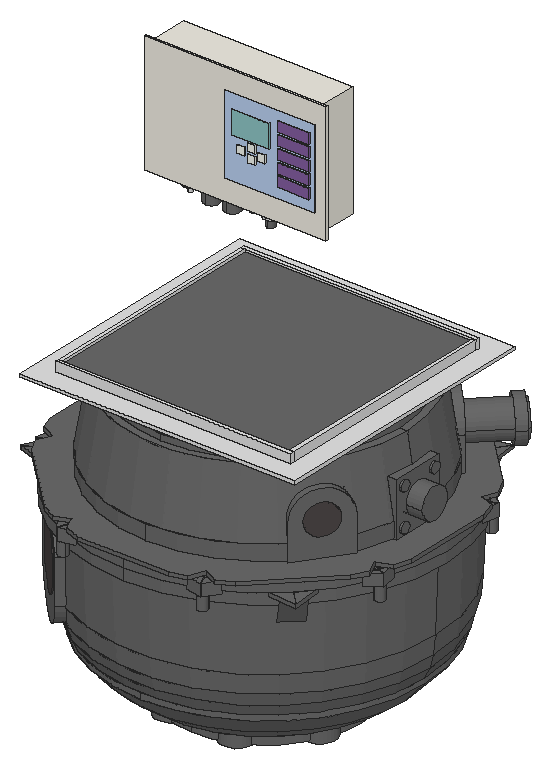
Revit family "281230s (200)", category Generic Models, Revit 2021
Family settings
  Can host rebar = No
  Round Connector Dimension = Use Diameter
  Part Type = Normal
  Work Plane-Based = No
  Always vertical = Yes
  Cut with Voids When Loaded = No
  Shared = Yes
  Room Calculation Point = No
Parameters (values of type "281230S")
  SUPPLIER = "KESSEL"
  SA700ID50 = "internal"
  SA700ID49 = "Protection Class I"
  SA700ID48 = "no"
  SA700ID47 = "no"
  SA700ID46 = "yes"
  SA700ID37 = 9000 mm
  SA700ID34 = 15.5
  SA700ID33 = 1.4 W
  SA700ID32 = 22.80 kg
  SA700ID31 = 1
  SA700ID30 = 2
  SA700ID29 = "RWDR"
  SA700ID21 = 900
  SA700ID10 = "No"
  SA700ID08 = 230 V
  PROCUREWEBLINK = "https://p.caden.as/kessel/281230S"
  PROCURELINK = "p.caden.as/kessel/281230S"
  PROCUREDATALASTUPDATE = "2024-05-22T12:17:22.671585572+01:00"
  PRC_SPECIFICATIONLINK = "https://ausschreiben.de/catalog/kessel/catalogItem/d827dab7-7f65-4d42-832b-e67de5270245"
  NN = "Lifting station Aqualift S compact"
  NBSYN = "$SA810ID03. ($LODLEVEL.)"
  NB = "281230S (200)"
  Model = "281230S"
  Manufacturer = "KESSEL"
  MIdent = "{$CADENAS_DATA/23d-libs/kessel/kessel_vdi_import/4/entwaesserung/hebeanlage20aqualift20s20compact.prj},216 {STYP=ASS},{VTYP=3D},{NB=281230S (200)},{LINA=281230S},{NN=Lifting station Aqualift S compact},{DATE=21.11.2022 10:40:35},{GEOMDATE=21.11.2022 10:40:35},{VERSION=},{LINEID=100},{WBVAR=LODLEVEL},{WBNUMERIC=LODLEVEL}  {NB=281230S (200)},{LINA=281230S},{KT=DUMMY},{PREVIEW=../../bilder/ksb_w_281230s.png},{SA700ID04=Hebeanlage Aqualift S Compact, Duo, GTF 1200, Bodenplatte, schwarz},{SA810ID06=04026092082744},{SA700ID34=15.50},{SA010ID03=201805},{SA810ID03=281230S},{SA810ID10=Die steckerfertige Hebeanlage für fäkalienfreies Abwasser ist mit einer überflutbaren Pumpe sowie einem Rückflussverhinderer ausgestattet. Der Sammelbehälter aus dauerhaft beständigem Kunststoff (PE) besitzt einen offenen Pumpenraum. Einhandverschlüsse ermöglichen die einfache Entnahme der integrierten Komponenten. Die Anlage zum Einbau in die Bodenplatte ist vormontiert zur bauseitigen Endmontage.Die Steuerung erfolgt durch ein anwenderfreundliches Schaltgerät, das optional über einen potentialfreien Kontakt in die Gebäudeleittechnik eingebunden werden oder Alarm- und Sammelstörmeldungen über eine GSM-Schnittstelle ausgeben kann.- mit teleskopischem Aufsatzstück für stufenlosen Höhen- und Niveauausgleich und integriertem Bodenablauf- Sammelbehälter aus PE, beständig gegen aggressive Abwässer und 3 m Grundwasser- inklusive Rückflussverhinderer für die Druckleitung- inklusive Stutzen für Zulauf und Kabelleerrohr- Pumpe mit Freistromrad für höchste BetriebssicherheitAusführung:Anlagenart: DoppelanlagePumpensteuerung: SchaltgerätRückflussverhinderer: integriertAuslieferungszustand: installationsfertig (Verbindungsteile sind bauseits anzuschließen)Einbausituation: Einbau in die BodenplatteAbwasserart: fäkalienfreiAllgemeine Merkmale:Farbe: schwarzNorm: EN 12050-2Abmessungen:Länge: 617 mmBreite: 585 mmBehälter/Grundkörper:Zulauf Nennweite (DN): 100 mmDruckabgang (DN): 32 mmDruckabgang (DA): 40 mmEinbautiefe: 490 - 620 mmNutzvolumen: 20 lArt der Höhenverstellbarkeit: teleskopisches AufsatzstückAbdeckungsmerkmale:Abdeckungsart: Abdeckplatte mit SchlitzrostAbdeckung Material: KunststoffAbdeckung Farbe: schwarzBelastungsklasse: K 3 (EN 1253-1)Länge: 366 mmBreite: 366 mmVerriegelung: Lock & LiftFreier Kugeldurchgang: 30 mmFördereinrichtung:Pumpe: GTF 1200Anzahl Pumpen: 2Förderleistung max.: 15,5 m3/hFörderhöhe max.: 9 mBetriebsspannung: 230 VNetzfrequenz: 50 HzBetriebsart: S3 - 10 %Leistung P1: 1,4 kWLeistung P2: 0,84 kWDrehzahl: 2.650 U/minErforderliche Absicherung (Leitungsschutz): C 16 AFörderguttemperatur (dauerhaft) max.: 40 °CAnschlusstyp: codierter SteckerLaufrad Typ: FreistromradLänge Netzanschlussleitung Pumpe: 5 mNennstrom: 6,2 ASchutzart Pumpe: IP 68 (3m)Typ Anschlussleitung Pumpe: H07RN-F 3G 1,0 mm2Temperaturüberwachung: integriertSteuerung:Schaltgerät: ComfortBetriebsspannung: 230 VNetzfrequenz: 50 HzSelbstdiagnosesystem (SDS): jaBatteriepufferung: jaMehrzeilige Displayanzeige: jaLogbuchfunktion: jaUSB-Schnittstelle: jaGSM-Schnittstelle: jaPotentialfreier Kontakt: optionalSchutzart Schaltgerät: IP 54Anschlusstyp: codierter SteckerLänge Netzanschlussleitung Schaltgerät: 1,4 mArt Niveauerfassung: pneumatischInstrument Niveauerfassung: TauchrohrAlarmgeber: optische Sonde},{SA700ID37=9.00},{SA700ID33=1.40},{SA700ID08=230},{SA700ID30=2},{SA700ID32=22.80},{SA700ID49=Schutzklasse I},{SA700ID50=intern},{SA200ID03=6},{SA250ID03=vertikal},{SA260ID03=Trockenläuferpumpe},{SA350ID03=normalansaugend},{SA400ID03=E-Motor für Wechselstrom},{SA460ID03=direkt},{SA500ID03=Kunststoff, Edelstahl},{SA700ID06=32},{SA700ID07=100},{SA700ID09=1/N/PE 230V },{SA700ID10=Nein},{SA700ID11=50},{SA700ID12=IP 68},{SA700ID13=F},{SA700ID15=35},{SA700ID21=900.00},{SA700ID22=0.84},{SA700ID23=2650},{SA700ID24=2650},{SA700ID26=6.20},{SA700ID27=14.90},{SA700ID28=durchgehend},{SA700ID29=RWDR},{SA700ID31=1},{SA700ID46=ja},{SA700ID47=nein},{SA700ID48=nein},{SA110ID04=Hebeanlage Aqualift S Compact},{SA300ID03=einstufig},{SA700ID44=10.00},{SA700ID45=10.00},{SA010ID04=KESSEL AG},{LODLEVEL=200},{LINK=https://www.kessel.de/info?han=281230S},{SA970ID01=970},{SA970ID02=14151},{SA970ID03=281230S},{SA970ID04=11002617},{SA970ID05=QUAD},{SA970ID06=-326},{SA970ID07=-291.04},{SA970ID08=0},{SA970ID09=1},{SA970ID10=0},{SA970ID11=0},{SA970ID12=0},{SA970ID13=1},{SA970ID14=0},{SA970ID15=617.04},{SA970ID16=582.09},{SA970ID17=488.5},{LODLEVEL_=200,'Low'},{LODLEVEL_DEU=200,'Low'},{LINK_=https://www.kessel.de/info?han=281230S},{LINK_DEU=https://www.kessel.de/info?han=281230S},{LODLEVEL_3DB=281230S_200},{DNIN1=100},{DNIN2=125},{DNIN3=100},{DNIN4=100},{DNOUT1=70},{DNOUT2=32},{ISD1=60},{ISD2=10},{ISD3=10},{SA010ID01=010},{SA010ID02=4},{SA010ID06=www.kessel.de},{SA010ID07=www.kessel.de},{SA010ID12=20180713},{SA010ID13=DEU},{SA010ID14=DE},{SA100ID01=100},{SA100ID02=4},{SA100ID04=Entwässerung},{SA110ID01=110},{SA110ID02=30},{SA200ID01=200},{SA200ID02=6},{SA250ID01=250},{SA250ID02=2},{SA260ID01=260},{SA260ID02=2},{SA300ID01=300},{SA300ID02=1},{SA350ID01=350},{SA350ID02=1},{SA400ID01=400},{SA400ID02=1},{SA460ID01=460},{SA460ID02=1},{SA500ID01=500},{SA500ID02=1},{SA700ID01=700},{SA700ID02=200},{SA700ID10_=0},{SA700ID16=0},{SA700ID25=0},{SA700ID46_=1},{SA700ID47_=0},{SA700ID48_=0},{SA700ID49_=1},{SA700ID50_=2},{SA800ID01=800},{SA800ID02=15},{SA810ID01=810},{SA810ID02=200},{SA810ID04=281230S},{SA810ID07=200},{SA810ID09=1},{SA810ID14=PCE},{SA810ID15=1},{SA810ID16=NMP},{SA960ID03=200},{SA960ID04=3L},{SA960ID08=https://www.kessel.de/info?han=281230S},{SA010ID08=4026092000007},{SA100ID05=Hebeanlage},{SA110ID06=Hebeanlage}"
  LINK = "https://www.kessel.de/info?han=281230S"
  LINA = "281230S"
  Default Elevation = 0 mm
  CREATOR = "CADENAS GmbH"
  CATALOG = "KESSEL"
  BOMINFO = "LINA"
  ARTICLENO = "NB"
  4.810.00.9 Order quantity (multiplicator) = "1"
  4.810.00.7 Media- connection number = "200"
  4.810.00.6 GTIN number = "04026092082744"
  4.810.00.4 DATANORM number = "281230S"
  4.810.00.3 Producer order number = "281230S"
  4.710.03.7 Mass (net) = 22.80 kg
  4.710.03.6 Height = 490 mm
  4.710.03.5 Width = 580 mm
  4.710.03.4 Length = 620 mm
  4.710.03.3 Type of dimensions = "2"
  4.710.02.8 Area of application of wastewater pump = "2"
  4.710.02.7 Art des S2/S3-Betriebs = "50 %"
  4.710.02.6 Duty type = "S3"
  4.710.02.5 Cutting device = "0"
  4.710.02.4 Attached pump control = "1"
  4.710.02.3 Free passage = 30 mm
  4.710.01.6 Option to connect to building automation = "30"
  4.710.01.5 Load regulation = "0"
  4.710.01.4 Designation of closed-loop control = "20"
  4.700.00.9 Voltage = 0
  4.700.00.8 Nominal connection size on suction side = "100"
  4.700.00.7 Nominal connection size on pressure side = "100"
  4.700.00.6 Type of connection = "32"
  4.700.00.4 Product indentification = "Hebeanlage Aqualift S Compact, Duo, GTF 1200, Bodenplatte, schwarz"
  4.700.00.28 Motor pump shaft = "durchgehend"
  4.700.00.27 Starting current = 14.9
  4.700.00.26 Maximum power consumption per pump / drive = 6.2
  4.700.00.25 Minimum speed at internal speed adjustment = 0
  4.700.00.24 Nominal speed / maximum speed n = 44.1667
  4.700.00.23 Nominal speed of motor = 44.1667
  4.700.00.22 Maximum shaft output (P2) per pump/drive = 0.84 W
  4.700.00.16 Maximum temperature of pumped medium = 0 °C
  4.700.00.15 Increased safety class = "35 °C"
  4.700.00.13 Type of protection = "F"
  4.700.00.12 Frequency = 0
  4.700.00.11 Stern-/Dreieck-Anlaufschaltung bei Dreiphasenanschluss oder Drehstrom = "50 Hz"
  4.700.00.10 Phase = "0"
  4.500.00.3 Variant / Variant type / Accessories-name = "Kunststoff, Edelstahl"
  4.460.00.3 Variant / Variant type / Accessories-name = "direkt"
  4.400.00.3 Variant / Variant type / Accessories-name = "E-Motor für Wechselstrom"
  4.350.00.3 Variant / Variant type / Accessories-name = "normalansaugend"
  4.300.00.3 Variant / Variant type / Accessories-name = "einstufig"
  4.260.00.3 Variant / Variant type / Accessories-name = "Trockenläuferpumpe"
  4.250.00.3 Variant / Variant type / Accessories-name = "vertikal"
  4.200.00.3 Variant / Variant type / Accessories-name = "6"
  4.110.00.6 Product classification = "Hebeanlage"
  4.110.00.4 Product indentification = "Hebeanlage Aqualift S Compact"
  4.100.00.5 Main groups of wares = "Hebeanlage"
  4.100.00.4 Product indentification = "Entwässerung"
  4.010.00.8 Producer ID number = "4026092000007"
  4.010.00.7 Comment = "www.kessel.de"
  4.010.00.6 Web address of the manufacturer = "www.kessel.de"
  4.010.00.4 Manufacturer name = "KESSEL AG"
  4.010.00.3 Date of issuance (month) of guideline = "201805"
  4.010.00.2 Sheet number of the guideline = "4"
  4.010.00.14 Kennungen der Projektländer, für die die Datei gültig ist = "DE"
  4.010.00.13 Sprache der Datei = "DEU"
  4.010.00.12 Stand des Herstellerkatalogs = "20180713"
Reference planes
  plane 1 "Center (Front/Back)": y = 0
  plane 2: z = 0
  plane 3 "Center (Left/Right)": x = 0
Forms (mm)
  Extrusion 1, void
    sketch origin (-197.283, 197.283, 209) x (-0.707107, -0.707107, 0) y (0, 0, -1)
      loop
        line (-0.5, -0.5) -> (0.5, -0.5) -> (0.5, 0.5) -> (-0.5, 0.5) -> (-0.5, -0.5)
    from 0 to 1
  Extrusion 2, void
    sketch origin (-197.283, -197.283, 209) x (0.707107, -0.707107, 0) y (0, 0, -1)
      loop
        line (-0.5, -0.5) -> (0.5, -0.5) -> (0.5, 0.5) -> (-0.5, 0.5) -> (-0.5, -0.5)
    from 0 to 1
  Extrusion 3, void
    sketch origin (-247, 0, 370) x (0, -1, 0) y (0, 0, -1)
      loop
        line (-0.5, -0.5) -> (0.5, -0.5) -> (0.5, 0.5) -> (-0.5, 0.5) -> (-0.5, -0.5)
    from 0 to 1
  Extrusion 4, void
    sketch origin (242.226, 228.084, 376) x (-0.707107, 0.707107, 0) y (0, 0, -1)
      loop
        line (-0.5, -0.5) -> (0.5, -0.5) -> (0.5, 0.5) -> (-0.5, 0.5) -> (-0.5, -0.5)
    from 0 to 1
  Extrusion 5, void
    sketch origin (228.084, 242.226, 376) x (-0.707107, 0.707107, 0) y (0, 0, -1)
      loop
        line (-0.5, -0.5) -> (0.5, -0.5) -> (0.5, 0.5) -> (-0.5, 0.5) -> (-0.5, -0.5)
    from 0 to 1
  Extrusion 6, void
    sketch origin (242.226, 228.084, 364) x (-0.707107, 0.707107, 0) y (0, 0, -1)
      loop
        line (-0.5, -0.5) -> (0.5, -0.5) -> (0.5, 0.5) -> (-0.5, 0.5) -> (-0.5, -0.5)
    from 0 to 1
  Extrusion 7, void
    sketch origin (228.084, 242.226, 364) x (-0.707107, 0.707107, 0) y (0, 0, -1)
      loop
        line (-0.5, -0.5) -> (0.5, -0.5) -> (0.5, 0.5) -> (-0.5, 0.5) -> (-0.5, -0.5)
    from 0 to 1
Dimensions and locks
  locked: plane 2 to Extrusion 1 at 208.5
  locked: plane 2 to Extrusion 1 at 209.5
  locked: plane 2 to Extrusion 2 at 208.5
  locked: plane 2 to Extrusion 2 at 209.5
  locked: plane 2 to Extrusion 3 at 369.5
  locked: plane 2 to Extrusion 3 at 370.5
  locked: plane 2 to Extrusion 4 at 375.5
  locked: plane 2 to Extrusion 4 at 376.5
  locked: plane 2 to Extrusion 5 at 375.5
  locked: plane 2 to Extrusion 5 at 376.5
  locked: plane 2 to Extrusion 6 at 363.5
  locked: plane 2 to Extrusion 6 at 364.5
  locked: plane 2 to Extrusion 7 at 363.5
  locked: plane 2 to Extrusion 7 at 364.5
  aligned and locked: level to plane 2
Nested families
  nested 1: "281230s (200)_content" at (0, 0, 0), type "281230S (200)_Content"
  nested 2: "281230s (200)_part1_X0Y0" at (-194, 244.5, 558), type "281230S_PART1_X0Y0"
  nested 3: "281230s (200)_part2_X0Y0" at (0, 0, 0), type "281230S_PART2_X0Y0"
Connectors
  piping at (-112, 217, 557.2), diameter 10
    settings: on nested 2, index 1, connector inside diameter 609.6 mm, connector length 0 mm, flow factor 0, pipe flow 0.0 L/s, pressure drop 0.0 Pa, fitting loss kfactor 0, connector angle 0.00°, fixture units 0, engagement length 0 mm, angle of deflection 0.00°, flow configuration 0, flow direction 2, fitting loss method 2, system type 29, joint type 0, gender type 0, connector reference index -1, connector utility 0, adjustable connector no, is connector primary yes, connector description ""
  electrical at (-298, 217, 518.5)
    settings: on nested 2, index 2, voltage 0 V, apparent load 0 VA, apparent load phase1 0 VA, apparent load phase2 0 VA, apparent load phase3 0 VA, power factor 1, load classification "Other", number of poles 1, system type 31, power factor state 1, is connector primary yes, connector utility no, sub classification motor no, connector description ""
  electrical at (-264, 217, 515.9)
    settings: on nested 2, index 3, voltage 0 V, apparent load 0 VA, apparent load phase1 0 VA, apparent load phase2 0 VA, apparent load phase3 0 VA, power factor 1, load classification "Other", number of poles 1, system type 31, power factor state 1, is connector primary no, connector utility no, sub classification motor no, connector description ""
  electrical at (-230, 217, 515.9)
    settings: on nested 2, index 4, voltage 0 V, apparent load 0 VA, apparent load phase1 0 VA, apparent load phase2 0 VA, apparent load phase3 0 VA, power factor 1, load classification "Other", number of poles 1, system type 31, power factor state 1, is connector primary no, connector utility no, sub classification motor no, connector description ""
  electrical at (-192, 217, 528.2)
    settings: on nested 2, index 5, voltage 0 V, apparent load 0 VA, apparent load phase1 0 VA, apparent load phase2 0 VA, apparent load phase3 0 VA, power factor 1, load classification "Other", number of poles 1, system type 31, power factor state 1, is connector primary no, connector utility no, sub classification motor no, connector description ""
  electrical at (-168, 217, 513.45)
    settings: on nested 2, index 6, voltage 0 V, apparent load 0 VA, apparent load phase1 0 VA, apparent load phase2 0 VA, apparent load phase3 0 VA, power factor 1, load classification "Other", number of poles 1, system type 31, power factor state 1, is connector primary no, connector utility no, sub classification motor no, connector description ""
  electrical at (-140, 217, 557.2)
    settings: on nested 2, index 7, voltage 0 V, apparent load 0 VA, apparent load phase1 0 VA, apparent load phase2 0 VA, apparent load phase3 0 VA, power factor 1, load classification "Other", number of poles 1, system type 31, power factor state 1, is connector primary no, connector utility no, sub classification motor no, connector description ""
  piping at (-326, 0, 209), diameter 125
    settings: on nested 3, index 8, connector inside diameter 609.6 mm, connector length 0 mm, flow factor 0, pipe flow 0.0 L/s, pressure drop 0.0 Pa, fitting loss kfactor 0, connector angle 0.00°, fixture units 0, engagement length 0 mm, angle of deflection 0.00°, flow configuration 0, flow direction 1, fitting loss method 2, system type 29, joint type 0, gender type 0, connector reference index -1, connector utility 0, adjustable connector no, is connector primary no, connector description ""
  piping at (-197.283, 197.283, 209), diameter 100
    settings: on Extrusion 1, index 9, connector inside diameter 609.6 mm, connector length 0 mm, flow factor 0, pipe flow 0.0 L/s, pressure drop 0.0 Pa, fitting loss kfactor 0, connector angle 0.00°, fixture units 0, engagement length 0 mm, angle of deflection 0.00°, flow configuration 0, flow direction 0, fitting loss method 2, system type 29, joint type 0, gender type 0, connector reference index -1, connector utility 0, adjustable connector no, is connector primary no, connector description ""
  piping at (-197.283, -197.283, 209), diameter 100
    settings: on Extrusion 2, index 10, connector inside diameter 609.6 mm, connector length 0 mm, flow factor 0, pipe flow 0.0 L/s, pressure drop 0.0 Pa, fitting loss kfactor 0, connector angle 0.00°, fixture units 0, engagement length 0 mm, angle of deflection 0.00°, flow configuration 0, flow direction 0, fitting loss method 2, system type 29, joint type 0, gender type 0, connector reference index -1, connector utility 0, adjustable connector no, is connector primary no, connector description ""
  piping at (-247, 0, 370), diameter 70
    settings: on Extrusion 3, index 11, connector inside diameter 609.6 mm, connector length 0 mm, flow factor 0, pipe flow 0.0 L/s, pressure drop 0.0 Pa, fitting loss kfactor 0, connector angle 0.00°, fixture units 0, engagement length 0 mm, angle of deflection 0.00°, flow configuration 0, flow direction 0, fitting loss method 2, system type 29, joint type 0, gender type 0, connector reference index -1, connector utility 0, adjustable connector no, is connector primary no, connector description ""
  piping at (272.5, -3, 363.25), diameter 32
    settings: on nested 3, index 12, connector inside diameter 609.6 mm, connector length 0 mm, flow factor 0, pipe flow 0.0 L/s, pressure drop 0.0 Pa, fitting loss kfactor 0, connector angle 0.00°, fixture units 0, engagement length 0 mm, angle of deflection 0.00°, flow configuration 0, flow direction 2, fitting loss method 2, system type 29, joint type 0, gender type 0, connector reference index -1, connector utility 0, adjustable connector no, is connector primary no, connector description ""
  electrical at (242.226, 228.084, 376)
    settings: on Extrusion 4, index 13, voltage 0 V, apparent load 0 VA, apparent load phase1 0 VA, apparent load phase2 0 VA, apparent load phase3 0 VA, power factor 1, load classification "Other", number of poles 1, system type 31, power factor state 1, is connector primary no, connector utility no, sub classification motor no, connector description ""
  electrical at (228.084, 242.226, 376)
    settings: on Extrusion 5, index 14, voltage 0 V, apparent load 0 VA, apparent load phase1 0 VA, apparent load phase2 0 VA, apparent load phase3 0 VA, power factor 1, load classification "Other", number of poles 1, system type 31, power factor state 1, is connector primary no, connector utility no, sub classification motor no, connector description ""
  electrical at (242.226, 228.084, 364)
    settings: on Extrusion 6, index 15, voltage 0 V, apparent load 0 VA, apparent load phase1 0 VA, apparent load phase2 0 VA, apparent load phase3 0 VA, power factor 1, load classification "Other", number of poles 1, system type 31, power factor state 1, is connector primary no, connector utility no, sub classification motor no, connector description ""
  electrical at (228.084, 242.226, 364)
    settings: on Extrusion 7, index 16, voltage 0 V, apparent load 0 VA, apparent load phase1 0 VA, apparent load phase2 0 VA, apparent load phase3 0 VA, power factor 1, load classification "Other", number of poles 1, system type 31, power factor state 1, is connector primary no, connector utility no, sub classification motor no, connector description ""
Definition of nested family "281230s (200)_part1_X0Y0"
  Parameters (values of type "281230S_PART1_X0Y0")
    SUPPLIER = "KESSEL"
    SA700ID50 = "internal"
    SA700ID49 = "Protection Class I"
    SA700ID48 = "no"
    SA700ID47 = "no"
    SA700ID46 = "yes"
    SA700ID37 = 9000 mm
    SA700ID34 = 15.5
    SA700ID33 = 1.4 W
    SA700ID32 = 22.80 kg
    SA700ID31 = 1
    SA700ID30 = 2
    SA700ID29 = "RWDR"
    SA700ID21 = 900
    SA700ID10 = "No"
    SA700ID08 = 230 V
    NBSYN = "$SA810ID03. ($LODLEVEL.)_PART1"
    NB = "281230S (200)_PART1"
    Model = "281230S_PART1"
    Manufacturer = "KESSEL"
    MIdent = "{$CADENAS_DATA/23d-libs/kessel/kessel_vdi_import/4/entwaesserung/hebeanlage20aqualift20s20compact.prj},236 {VTYP=3D},{NB=281230S (200)_PART1},{LINA=281230S_PART1},{NN=Lifting station Aqualift S compact_PART1},{NOPRJ=TRUE},{DATE=21.11.2022 10:40:35},{GEOMDATE=21.11.2022 10:40:35},{VERSION=},{LINEID=100},{WBVAR=LODLEVEL},{WBNUMERIC=LODLEVEL}  {NB=281230S (200)_PART1},{LINA=281230S_PART1},{KT=DUMMY},{PREVIEW=../../bilder/ksb_w_281230s.png},{SA700ID04=Hebeanlage Aqualift S Compact, Duo, GTF 1200, Bodenplatte, schwarz},{SA810ID06=04026092082744},{SA700ID34=15.50},{SA010ID03=201805},{SA810ID03=281230S},{SA810ID10=Die steckerfertige Hebeanlage für fäkalienfreies Abwasser ist mit einer überflutbaren Pumpe sowie einem Rückflussverhinderer ausgestattet. Der Sammelbehälter aus dauerhaft beständigem Kunststoff (PE) besitzt einen offenen Pumpenraum. Einhandverschlüsse ermöglichen die einfache Entnahme der integrierten Komponenten. Die Anlage zum Einbau in die Bodenplatte ist vormontiert zur bauseitigen Endmontage.Die Steuerung erfolgt durch ein anwenderfreundliches Schaltgerät, das optional über einen potentialfreien Kontakt in die Gebäudeleittechnik eingebunden werden oder Alarm- und Sammelstörmeldungen über eine GSM-Schnittstelle ausgeben kann.- mit teleskopischem Aufsatzstück für stufenlosen Höhen- und Niveauausgleich und integriertem Bodenablauf- Sammelbehälter aus PE, beständig gegen aggressive Abwässer und 3 m Grundwasser- inklusive Rückflussverhinderer für die Druckleitung- inklusive Stutzen für Zulauf und Kabelleerrohr- Pumpe mit Freistromrad für höchste BetriebssicherheitAusführung:Anlagenart: DoppelanlagePumpensteuerung: SchaltgerätRückflussverhinderer: integriertAuslieferungszustand: installationsfertig (Verbindungsteile sind bauseits anzuschließen)Einbausituation: Einbau in die BodenplatteAbwasserart: fäkalienfreiAllgemeine Merkmale:Farbe: schwarzNorm: EN 12050-2Abmessungen:Länge: 617 mmBreite: 585 mmBehälter/Grundkörper:Zulauf Nennweite (DN): 100 mmDruckabgang (DN): 32 mmDruckabgang (DA): 40 mmEinbautiefe: 490 - 620 mmNutzvolumen: 20 lArt der Höhenverstellbarkeit: teleskopisches AufsatzstückAbdeckungsmerkmale:Abdeckungsart: Abdeckplatte mit SchlitzrostAbdeckung Material: KunststoffAbdeckung Farbe: schwarzBelastungsklasse: K 3 (EN 1253-1)Länge: 366 mmBreite: 366 mmVerriegelung: Lock & LiftFreier Kugeldurchgang: 30 mmFördereinrichtung:Pumpe: GTF 1200Anzahl Pumpen: 2Förderleistung max.: 15,5 m3/hFörderhöhe max.: 9 mBetriebsspannung: 230 VNetzfrequenz: 50 HzBetriebsart: S3 - 10 %Leistung P1: 1,4 kWLeistung P2: 0,84 kWDrehzahl: 2.650 U/minErforderliche Absicherung (Leitungsschutz): C 16 AFörderguttemperatur (dauerhaft) max.: 40 °CAnschlusstyp: codierter SteckerLaufrad Typ: FreistromradLänge Netzanschlussleitung Pumpe: 5 mNennstrom: 6,2 ASchutzart Pumpe: IP 68 (3m)Typ Anschlussleitung Pumpe: H07RN-F 3G 1,0 mm2Temperaturüberwachung: integriertSteuerung:Schaltgerät: ComfortBetriebsspannung: 230 VNetzfrequenz: 50 HzSelbstdiagnosesystem (SDS): jaBatteriepufferung: jaMehrzeilige Displayanzeige: jaLogbuchfunktion: jaUSB-Schnittstelle: jaGSM-Schnittstelle: jaPotentialfreier Kontakt: optionalSchutzart Schaltgerät: IP 54Anschlusstyp: codierter SteckerLänge Netzanschlussleitung Schaltgerät: 1,4 mArt Niveauerfassung: pneumatischInstrument Niveauerfassung: TauchrohrAlarmgeber: optische Sonde},{SA700ID37=9.00},{SA700ID33=1.40},{SA700ID08=230},{SA700ID30=2},{SA700ID32=22.80},{SA700ID49=Schutzklasse I},{SA700ID50=intern},{SA200ID03=6},{SA250ID03=vertikal},{SA260ID03=Trockenläuferpumpe},{SA350ID03=normalansaugend},{SA400ID03=E-Motor für Wechselstrom},{SA460ID03=direkt},{SA500ID03=Kunststoff, Edelstahl},{SA700ID06=32},{SA700ID07=100},{SA700ID09=1/N/PE 230V },{SA700ID10=Nein},{SA700ID11=50},{SA700ID12=IP 68},{SA700ID13=F},{SA700ID15=35},{SA700ID21=900.00},{SA700ID22=0.84},{SA700ID23=2650},{SA700ID24=2650},{SA700ID26=6.20},{SA700ID27=14.90},{SA700ID28=durchgehend},{SA700ID29=RWDR},{SA700ID31=1},{SA700ID46=ja},{SA700ID47=nein},{SA700ID48=nein},{SA110ID04=Hebeanlage Aqualift S Compact},{SA300ID03=einstufig},{SA700ID44=10.00},{SA700ID45=10.00},{SA010ID04=KESSEL AG},{LODLEVEL=200},{LINK=https://www.kessel.de/info?han=281230S},{SA970ID01=970},{SA970ID02=14151},{SA970ID03=281230S},{SA970ID04=11002617},{SA970ID05=QUAD},{SA970ID06=-326},{SA970ID07=-291.04},{SA970ID08=0},{SA970ID09=1},{SA970ID10=0},{SA970ID11=0},{SA970ID12=0},{SA970ID13=1},{SA970ID14=0},{SA970ID15=617.04},{SA970ID16=582.09},{SA970ID17=488.5},{LODLEVEL_=200,'Low'},{LODLEVEL_DEU=200,'Low'},{LINK_=https://www.kessel.de/info?han=281230S},{LINK_DEU=https://www.kessel.de/info?han=281230S},{LODLEVEL_3DB=281230S_200},{DNIN1=100},{DNIN2=125},{DNIN3=100},{DNIN4=100},{DNOUT1=70},{DNOUT2=32},{ISD1=60},{ISD2=10},{ISD3=10},{SA010ID01=010},{SA010ID02=4},{SA010ID06=www.kessel.de},{SA010ID07=www.kessel.de},{SA010ID12=20180713},{SA010ID13=DEU},{SA010ID14=DE},{SA100ID01=100},{SA100ID02=4},{SA100ID04=Entwässerung},{SA110ID01=110},{SA110ID02=30},{SA200ID01=200},{SA200ID02=6},{SA250ID01=250},{SA250ID02=2},{SA260ID01=260},{SA260ID02=2},{SA300ID01=300},{SA300ID02=1},{SA350ID01=350},{SA350ID02=1},{SA400ID01=400},{SA400ID02=1},{SA460ID01=460},{SA460ID02=1},{SA500ID01=500},{SA500ID02=1},{SA700ID01=700},{SA700ID02=200},{SA700ID10_=0},{SA700ID16=0},{SA700ID25=0},{SA700ID46_=1},{SA700ID47_=0},{SA700ID48_=0},{SA700ID49_=1},{SA700ID50_=2},{SA800ID01=800},{SA800ID02=15},{SA810ID01=810},{SA810ID02=200},{SA810ID04=281230S},{SA810ID07=200},{SA810ID09=1},{SA810ID14=PCE},{SA810ID15=1},{SA810ID16=NMP},{SA960ID03=200},{SA960ID04=3L},{SA960ID08=https://www.kessel.de/info?han=281230S},{SA010ID08=4026092000007},{SA100ID05=Hebeanlage},{SA110ID06=Hebeanlage}"
    LINK = "https://www.kessel.de/info?han=281230S"
    LINA = "281230S_PART1"
    Default Elevation = 1219.2 mm
    CREATOR = "CADENAS GmbH"
    CATALOG = "KESSEL"
    BOMINFO = "LINA"
    ARTICLENO = "NB"
    4.810.00.9 Order quantity (multiplicator) = "1"
    4.810.00.7 Media- connection number = "200"
    4.810.00.6 GTIN number = "04026092082744"
    4.810.00.4 DATANORM number = "281230S"
    4.810.00.3 Producer order number = "281230S"
    4.710.03.7 Mass (net) = 22.80 kg
    4.710.03.6 Height = 490 mm
    4.710.03.5 Width = 580 mm
    4.710.03.4 Length = 620 mm
    4.710.03.3 Type of dimensions = "2"
    4.710.02.8 Area of application of wastewater pump = "2"
    4.710.02.7 Art des S2/S3-Betriebs = "50 %"
    4.710.02.6 Duty type = "S3"
    4.710.02.5 Cutting device = "0"
    4.710.02.4 Attached pump control = "1"
    4.710.02.3 Free passage = 30 mm
    4.710.01.6 Option to connect to building automation = "30"
    4.710.01.5 Load regulation = "0"
    4.710.01.4 Designation of closed-loop control = "20"
    4.700.00.9 Voltage = 0
    4.700.00.8 Nominal connection size on suction side = "100"
    4.700.00.7 Nominal connection size on pressure side = "100"
    4.700.00.6 Type of connection = "32"
    4.700.00.4 Product indentification = "Hebeanlage Aqualift S Compact, Duo, GTF 1200, Bodenplatte, schwarz"
    4.700.00.28 Motor pump shaft = "durchgehend"
    4.700.00.27 Starting current = 14.9
    4.700.00.26 Maximum power consumption per pump / drive = 6.2
    4.700.00.25 Minimum speed at internal speed adjustment = 0
    4.700.00.24 Nominal speed / maximum speed n = 44.1667
    4.700.00.23 Nominal speed of motor = 44.1667
    4.700.00.22 Maximum shaft output (P2) per pump/drive = 0.84 W
    4.700.00.16 Maximum temperature of pumped medium = 0 °C
    4.700.00.15 Increased safety class = "35 °C"
    4.700.00.13 Type of protection = "F"
    4.700.00.12 Frequency = 0
    4.700.00.11 Stern-/Dreieck-Anlaufschaltung bei Dreiphasenanschluss oder Drehstrom = "50 Hz"
    4.700.00.10 Phase = "0"
    4.500.00.3 Variant / Variant type / Accessories-name = "Kunststoff, Edelstahl"
    4.460.00.3 Variant / Variant type / Accessories-name = "direkt"
    4.400.00.3 Variant / Variant type / Accessories-name = "E-Motor für Wechselstrom"
    4.350.00.3 Variant / Variant type / Accessories-name = "normalansaugend"
    4.300.00.3 Variant / Variant type / Accessories-name = "einstufig"
    4.260.00.3 Variant / Variant type / Accessories-name = "Trockenläuferpumpe"
    4.250.00.3 Variant / Variant type / Accessories-name = "vertikal"
    4.200.00.3 Variant / Variant type / Accessories-name = "6"
    4.110.00.6 Product classification = "Hebeanlage"
    4.110.00.4 Product indentification = "Hebeanlage Aqualift S Compact"
    4.100.00.5 Main groups of wares = "Hebeanlage"
    4.100.00.4 Product indentification = "Entwässerung"
    4.010.00.8 Producer ID number = "4026092000007"
    4.010.00.7 Comment = "www.kessel.de"
    4.010.00.6 Web address of the manufacturer = "www.kessel.de"
    4.010.00.4 Manufacturer name = "KESSEL AG"
    4.010.00.3 Date of issuance (month) of guideline = "201805"
    4.010.00.2 Sheet number of the guideline = "4"
    4.010.00.14 Kennungen der Projektländer, für die die Datei gültig ist = "DE"
    4.010.00.13 Sprache der Datei = "DEU"
    4.010.00.12 Stand des Herstellerkatalogs = "20180713"
  Reference planes
    plane 1 "Center (Front/Back)": y = 0
    plane 2: z = 0
    plane 3 "Center (Left/Right)": x = 0
  Dimensions and locks
    aligned and locked: level to plane 2
  Nested families
    nested 1: "281230s (200)_part1_content" at (0, 0, 0), type "281230S (200)_PART1_Content"
  Definition of nested family "281230s (200)_part1_content"
    Parameters (values of type "281230S (200)_PART1_Content")
      SUPPLIER = "KESSEL"
      SA700ID50 = "internal"
      SA700ID49 = "Protection Class I"
      SA700ID48 = "no"
      SA700ID47 = "no"
      SA700ID46 = "yes"
      SA700ID37 = 9000 mm
      SA700ID34 = 15.5
      SA700ID33 = 1.4 W
      SA700ID32 = 22.80 kg
      SA700ID31 = 1
      SA700ID30 = 2
      SA700ID29 = "RWDR"
      SA700ID21 = 900
      SA700ID10 = "No"
      SA700ID08 = 230 V
      NBSYN = "$SA810ID03. ($LODLEVEL.)_PART1"
      NB = "281230S (200)_PART1"
      Model = "281230S_PART1"
      Manufacturer = "KESSEL"
      LINK = "https://www.kessel.de/info?han=281230S"
      LINA = "281230S_PART1"
      Default Elevation = 1219.2 mm
      CREATOR = "CADENAS GmbH"
      CATALOG = "KESSEL"
      BOMINFO = "LINA"
      ARTICLENO = "NB"
      4.810.00.9 Order quantity (multiplicator) = "1"
      4.810.00.7 Media- connection number = "200"
      4.810.00.6 GTIN number = "04026092082744"
      4.810.00.4 DATANORM number = "281230S"
      4.810.00.3 Producer order number = "281230S"
      4.710.03.7 Mass (net) = 22.80 kg
      4.710.03.6 Height = 490 mm
      4.710.03.5 Width = 580 mm
      4.710.03.4 Length = 620 mm
      4.710.03.3 Type of dimensions = "2"
      4.710.02.8 Area of application of wastewater pump = "2"
      4.710.02.7 Art des S2/S3-Betriebs = "50 %"
      4.710.02.6 Duty type = "S3"
      4.710.02.5 Cutting device = "0"
      4.710.02.4 Attached pump control = "1"
      4.710.02.3 Free passage = 30 mm
      4.710.01.6 Option to connect to building automation = "30"
      4.710.01.5 Load regulation = "0"
      4.710.01.4 Designation of closed-loop control = "20"
      4.700.00.9 Voltage = 0
      4.700.00.8 Nominal connection size on suction side = "100"
      4.700.00.7 Nominal connection size on pressure side = "100"
      4.700.00.6 Type of connection = "32"
      4.700.00.4 Product indentification = "Hebeanlage Aqualift S Compact, Duo, GTF 1200, Bodenplatte, schwarz"
      4.700.00.28 Motor pump shaft = "durchgehend"
      4.700.00.27 Starting current = 14.9
      4.700.00.26 Maximum power consumption per pump / drive = 6.2
      4.700.00.25 Minimum speed at internal speed adjustment = 0
      4.700.00.24 Nominal speed / maximum speed n = 44.1667
      4.700.00.23 Nominal speed of motor = 44.1667
      4.700.00.22 Maximum shaft output (P2) per pump/drive = 0.84 W
      4.700.00.16 Maximum temperature of pumped medium = 0 °C
      4.700.00.15 Increased safety class = "35 °C"
      4.700.00.13 Type of protection = "F"
      4.700.00.12 Frequency = 0
      4.700.00.11 Stern-/Dreieck-Anlaufschaltung bei Dreiphasenanschluss oder Drehstrom = "50 Hz"
      4.700.00.10 Phase = "0"
      4.500.00.3 Variant / Variant type / Accessories-name = "Kunststoff, Edelstahl"
      4.460.00.3 Variant / Variant type / Accessories-name = "direkt"
      4.400.00.3 Variant / Variant type / Accessories-name = "E-Motor für Wechselstrom"
      4.350.00.3 Variant / Variant type / Accessories-name = "normalansaugend"
      4.300.00.3 Variant / Variant type / Accessories-name = "einstufig"
      4.260.00.3 Variant / Variant type / Accessories-name = "Trockenläuferpumpe"
      4.250.00.3 Variant / Variant type / Accessories-name = "vertikal"
      4.200.00.3 Variant / Variant type / Accessories-name = "6"
      4.110.00.6 Product classification = "Hebeanlage"
      4.110.00.4 Product indentification = "Hebeanlage Aqualift S Compact"
      4.100.00.5 Main groups of wares = "Hebeanlage"
      4.100.00.4 Product indentification = "Entwässerung"
      4.010.00.8 Producer ID number = "4026092000007"
      4.010.00.7 Comment = "www.kessel.de"
      4.010.00.6 Web address of the manufacturer = "www.kessel.de"
      4.010.00.4 Manufacturer name = "KESSEL AG"
      4.010.00.3 Date of issuance (month) of guideline = "201805"
      4.010.00.2 Sheet number of the guideline = "4"
      4.010.00.14 Kennungen der Projektländer, für die die Datei gültig ist = "DE"
      4.010.00.13 Sprache der Datei = "DEU"
      4.010.00.12 Stand des Herstellerkatalogs = "20180713"
    Reference planes
      plane 1 "Center (Front/Back)": y = 0
      plane 2: z = 0
      plane 3 "Center (Left/Right)": x = 0
    Forms (mm)
      Extrusion 1, solid, detail levels medium+fine
        sketch origin (49.8, -68, 72.2) x (0, -1, 0) y (0, 0, 1)
          loop
            line (-0.5, 12) -> (-0.5, 0) -> (1, 0) -> (1, 12) -> (-0.5, 12)
        from 0 to 12
      Extrusion 2, solid, detail levels medium+fine
        sketch origin (129.3, -67, 28.2) x (0, -1, 0) y (0, 0, 1)
          loop
            line (-0.5, 127) -> (-0.5, 0) -> (1, 0) -> (1, 127) -> (-0.5, 127)
        from 0 to 146
      Extrusion 3, solid, detail levels medium+fine
        sketch origin (33.3, -68, 80.45) x (0, -1, 0) y (0, 0, 1)
          loop
            line (-0.5, 12) -> (-0.5, 0) -> (1, 0) -> (1, 12) -> (-0.5, 12)
        from 0 to 12
      Extrusion 4, solid, detail levels medium+fine
        sketch origin (33.3, -68, 63.95) x (0, -1, 0) y (0, 0, 1)
          loop
            line (-0.5, 12) -> (-0.5, 0) -> (1, 0) -> (1, 12) -> (-0.5, 12)
        from 0 to 12
      Extrusion 5, solid, detail levels medium+fine
        sketch origin (56.3, -68, 95.45) x (0, -1, 0) y (0, 0, 1)
          loop
            line (-0.5, 37) -> (-0.5, 0) -> (1, 0) -> (1, 37) -> (-0.5, 37)
        from 0 to 60
      Extrusion 6, solid, detail levels medium+fine
        sketch origin (121.8, -68, 85.7) x (0, -1, 0) y (0, 0, 1)
          loop
            line (0, 16) -> (0, 0) -> (2, 0) -> (2, 16) -> (0, 16)
        from 0 to 51
      Extrusion 7, solid, detail levels medium+fine
        sketch origin (121.8, -68, 65.7) x (0, -1, 0) y (0, 0, 1)
          loop
            line (0, 16) -> (0, 0) -> (2, 0) -> (2, 16) -> (0, 16)
        from 0 to 51
      Extrusion 8, solid, detail levels medium+fine
        sketch origin (121.8, -68, 105.7) x (0, -1, 0) y (0, 0, 1)
          loop
            line (0, 16) -> (0, 0) -> (2, 0) -> (2, 16) -> (0, 16)
        from 0 to 51
      Extrusion 9, solid, detail levels medium+fine
        sketch origin (16.8, -68, 72.2) x (0, -1, 0) y (0, 0, 1)
          loop
            line (-0.5, 12) -> (-0.5, 0) -> (1, 0) -> (1, 12) -> (-0.5, 12)
        from 0 to 12
      Extrusion 10, solid, detail levels medium+fine
        sketch origin (121.8, -68, 45.7) x (0, -1, 0) y (0, 0, 1)
          loop
            line (0, 16) -> (0, 0) -> (2, 0) -> (2, 16) -> (0, 16)
        from 0 to 51
      Extrusion 11, solid, detail levels medium+fine
        sketch origin (147, -63.5, -7) x (0, -1, 0) y (0, 0, 1)
          loop
            line (0, 194) -> (0, 0) -> (3.5, 0) -> (3.5, 194) -> (0, 194)
        from 0 to 294
      Extrusion 12, solid, detail levels medium+fine
        sketch origin (136.25, 0, 0) x (0, -1, 0) y (0, 0, 1)
          loop
            line (0, 184) -> (0, 0) -> (63.5, 0) -> (63.5, 184) -> (0, 184)
        from 0 to 272.5
      Extrusion 13, solid, detail levels medium+fine
        sketch origin (121.75, -68, 125.75) x (0, -1, 0) y (0, 0, 1)
          loop
            line (0, 16) -> (0, 0) -> (2, 0) -> (2, 16) -> (0, 16)
        from 0 to 51
      Extrusion 14, solid, detail levels medium+fine
        sketch origin (26, -27.5, 0) x (1, 0, 0) y (0, -1, 0)
          loop
            circle (0, 0) r 11
        from 0 to 11
      Extrusion 15, solid, detail levels medium+fine
        sketch origin (26, -27.5, -11) x (1, 0, 0) y (0, -1, 0)
          loop
            circle (0, 0) r 11
        from 0 to 19.8
      Extrusion 16, solid, detail levels medium+fine
        sketch origin (26, -27.5, -29.8) x (1, 0, 0) y (0, -1, 0)
          loop
            circle (0, 0) r 6
        from 0 to 14.75
      Extrusion 17, solid, detail levels medium+fine
        sketch origin (2, -27.5, 0) x (1, 0, 0) y (0, -1, 0)
          loop
            circle (0, 0) r 11
        from 0 to 20
      Extrusion 18, solid, detail levels medium+fine
        sketch origin (2, -27.5, -20) x (1, 0, 0) y (0, -1, 0)
          loop
            circle (0, 0) r 8.65
        from 0 to 9.8
      Extrusion 19, solid, detail levels medium+fine
        sketch origin (-36, -27.5, 0) x (1, 0, 0) y (0, -1, 0)
          loop
            circle (0, 0) r 12
        from 0 to 15
      Extrusion 20, solid, detail levels medium+fine
        sketch origin (-36, -27.5, -15) x (1, 0, 0) y (0, -1, 0)
          loop
            circle (0, 0) r 11.75
        from 0 to 27.1
      Extrusion 21, solid, detail levels medium+fine
        sketch origin (54, -27.5, 2) x (1, 0, 0) y (0, -1, 0)
          loop
            circle (0, 0) r 10
        from 0 to 2.8
      Extrusion 22, solid, detail levels medium+fine
        sketch origin (-70, -27.5, 0) x (1, 0, 0) y (0, -1, 0)
          loop
            circle (0, 0) r 12
        from 0 to 15
      Extrusion 23, solid, detail levels medium+fine
        sketch origin (-70, -27.5, -15) x (1, 0, 0) y (0, -1, 0)
          loop
            circle (0, 0) r 11.75
        from 0 to 27.1
      Extrusion 24, solid, detail levels medium+fine
        sketch origin (82, -27.5, 2) x (1, 0, 0) y (0, -1, 0)
          loop
            circle (0, 0) r 10
        from 0 to 2.8
      Extrusion 25, solid, detail levels medium+fine
        sketch origin (-104, -27.5, 0) x (1, 0, 0) y (0, -1, 0)
          loop
            circle (0, 0) r 10
        from 0 to 9
      Extrusion 26, solid, detail levels medium+fine
        sketch origin (-104, -27.5, -9) x (1, 0, 0) y (0, -1, 0)
          loop
            circle (0, 0) r 11
        from 0 to 20.5
      Extrusion 27, solid, detail levels medium+fine
        sketch origin (-104, -27.5, -29.5) x (1, 0, 0) y (0, -1, 0)
          loop
            circle (0, 0) r 3
        from 0 to 10
      Extrusion 28, solid, detail levels medium+fine
        sketch origin (110, -27.5, 1.2) x (1, 0, 0) y (0, -1, 0)
          loop
            circle (0, 0) r 13.5
        from 0 to 2.8
      Extrusion 29, solid, detail levels coarse
        sketch origin (0, -35, -44.55) x (1, 0, 0) y (0, 1, 0)
          loop
            line (-147, -35) -> (147, -35) -> (147, 35) -> (-147, 35) -> (-147, -35)
        from 0 to 231.55
    Dimensions and locks
      aligned and locked: level to plane 2
Definition of nested family "281230s (200)_part2_X0Y0"
  Parameters (values of type "281230S_PART2_X0Y0")
    SUPPLIER = "KESSEL"
    SA700ID50 = "internal"
    SA700ID49 = "Protection Class I"
    SA700ID48 = "no"
    SA700ID47 = "no"
    SA700ID46 = "yes"
    SA700ID37 = 9000 mm
    SA700ID34 = 15.5
    SA700ID33 = 1.4 W
    SA700ID32 = 22.80 kg
    SA700ID31 = 1
    SA700ID30 = 2
    SA700ID29 = "RWDR"
    SA700ID21 = 900
    SA700ID10 = "No"
    SA700ID08 = 230 V
    NBSYN = "$SA810ID03. ($LODLEVEL.)_PART2"
    NB = "281230S (200)_PART2"
    Model = "281230S_PART2"
    Manufacturer = "KESSEL"
    MIdent = "{$CADENAS_DATA/23d-libs/kessel/kessel_vdi_import/4/entwaesserung/hebeanlage20aqualift20s20compact.prj},236 {VTYP=3D},{NB=281230S (200)_PART2},{LINA=281230S_PART2},{NN=Lifting station Aqualift S compact_PART2},{NOPRJ=TRUE},{DATE=21.11.2022 10:40:35},{GEOMDATE=21.11.2022 10:40:35},{VERSION=},{LINEID=100},{WBVAR=LODLEVEL},{WBNUMERIC=LODLEVEL}  {NB=281230S (200)_PART2},{LINA=281230S_PART2},{KT=DUMMY},{PREVIEW=../../bilder/ksb_w_281230s.png},{SA700ID04=Hebeanlage Aqualift S Compact, Duo, GTF 1200, Bodenplatte, schwarz},{SA810ID06=04026092082744},{SA700ID34=15.50},{SA010ID03=201805},{SA810ID03=281230S},{SA810ID10=Die steckerfertige Hebeanlage für fäkalienfreies Abwasser ist mit einer überflutbaren Pumpe sowie einem Rückflussverhinderer ausgestattet. Der Sammelbehälter aus dauerhaft beständigem Kunststoff (PE) besitzt einen offenen Pumpenraum. Einhandverschlüsse ermöglichen die einfache Entnahme der integrierten Komponenten. Die Anlage zum Einbau in die Bodenplatte ist vormontiert zur bauseitigen Endmontage.Die Steuerung erfolgt durch ein anwenderfreundliches Schaltgerät, das optional über einen potentialfreien Kontakt in die Gebäudeleittechnik eingebunden werden oder Alarm- und Sammelstörmeldungen über eine GSM-Schnittstelle ausgeben kann.- mit teleskopischem Aufsatzstück für stufenlosen Höhen- und Niveauausgleich und integriertem Bodenablauf- Sammelbehälter aus PE, beständig gegen aggressive Abwässer und 3 m Grundwasser- inklusive Rückflussverhinderer für die Druckleitung- inklusive Stutzen für Zulauf und Kabelleerrohr- Pumpe mit Freistromrad für höchste BetriebssicherheitAusführung:Anlagenart: DoppelanlagePumpensteuerung: SchaltgerätRückflussverhinderer: integriertAuslieferungszustand: installationsfertig (Verbindungsteile sind bauseits anzuschließen)Einbausituation: Einbau in die BodenplatteAbwasserart: fäkalienfreiAllgemeine Merkmale:Farbe: schwarzNorm: EN 12050-2Abmessungen:Länge: 617 mmBreite: 585 mmBehälter/Grundkörper:Zulauf Nennweite (DN): 100 mmDruckabgang (DN): 32 mmDruckabgang (DA): 40 mmEinbautiefe: 490 - 620 mmNutzvolumen: 20 lArt der Höhenverstellbarkeit: teleskopisches AufsatzstückAbdeckungsmerkmale:Abdeckungsart: Abdeckplatte mit SchlitzrostAbdeckung Material: KunststoffAbdeckung Farbe: schwarzBelastungsklasse: K 3 (EN 1253-1)Länge: 366 mmBreite: 366 mmVerriegelung: Lock & LiftFreier Kugeldurchgang: 30 mmFördereinrichtung:Pumpe: GTF 1200Anzahl Pumpen: 2Förderleistung max.: 15,5 m3/hFörderhöhe max.: 9 mBetriebsspannung: 230 VNetzfrequenz: 50 HzBetriebsart: S3 - 10 %Leistung P1: 1,4 kWLeistung P2: 0,84 kWDrehzahl: 2.650 U/minErforderliche Absicherung (Leitungsschutz): C 16 AFörderguttemperatur (dauerhaft) max.: 40 °CAnschlusstyp: codierter SteckerLaufrad Typ: FreistromradLänge Netzanschlussleitung Pumpe: 5 mNennstrom: 6,2 ASchutzart Pumpe: IP 68 (3m)Typ Anschlussleitung Pumpe: H07RN-F 3G 1,0 mm2Temperaturüberwachung: integriertSteuerung:Schaltgerät: ComfortBetriebsspannung: 230 VNetzfrequenz: 50 HzSelbstdiagnosesystem (SDS): jaBatteriepufferung: jaMehrzeilige Displayanzeige: jaLogbuchfunktion: jaUSB-Schnittstelle: jaGSM-Schnittstelle: jaPotentialfreier Kontakt: optionalSchutzart Schaltgerät: IP 54Anschlusstyp: codierter SteckerLänge Netzanschlussleitung Schaltgerät: 1,4 mArt Niveauerfassung: pneumatischInstrument Niveauerfassung: TauchrohrAlarmgeber: optische Sonde},{SA700ID37=9.00},{SA700ID33=1.40},{SA700ID08=230},{SA700ID30=2},{SA700ID32=22.80},{SA700ID49=Schutzklasse I},{SA700ID50=intern},{SA200ID03=6},{SA250ID03=vertikal},{SA260ID03=Trockenläuferpumpe},{SA350ID03=normalansaugend},{SA400ID03=E-Motor für Wechselstrom},{SA460ID03=direkt},{SA500ID03=Kunststoff, Edelstahl},{SA700ID06=32},{SA700ID07=100},{SA700ID09=1/N/PE 230V },{SA700ID10=Nein},{SA700ID11=50},{SA700ID12=IP 68},{SA700ID13=F},{SA700ID15=35},{SA700ID21=900.00},{SA700ID22=0.84},{SA700ID23=2650},{SA700ID24=2650},{SA700ID26=6.20},{SA700ID27=14.90},{SA700ID28=durchgehend},{SA700ID29=RWDR},{SA700ID31=1},{SA700ID46=ja},{SA700ID47=nein},{SA700ID48=nein},{SA110ID04=Hebeanlage Aqualift S Compact},{SA300ID03=einstufig},{SA700ID44=10.00},{SA700ID45=10.00},{SA010ID04=KESSEL AG},{LODLEVEL=200},{LINK=https://www.kessel.de/info?han=281230S},{SA970ID01=970},{SA970ID02=14151},{SA970ID03=281230S},{SA970ID04=11002617},{SA970ID05=QUAD},{SA970ID06=-326},{SA970ID07=-291.04},{SA970ID08=0},{SA970ID09=1},{SA970ID10=0},{SA970ID11=0},{SA970ID12=0},{SA970ID13=1},{SA970ID14=0},{SA970ID15=617.04},{SA970ID16=582.09},{SA970ID17=488.5},{LODLEVEL_=200,'Low'},{LODLEVEL_DEU=200,'Low'},{LINK_=https://www.kessel.de/info?han=281230S},{LINK_DEU=https://www.kessel.de/info?han=281230S},{LODLEVEL_3DB=281230S_200},{DNIN1=100},{DNIN2=125},{DNIN3=100},{DNIN4=100},{DNOUT1=70},{DNOUT2=32},{ISD1=60},{ISD2=10},{ISD3=10},{SA010ID01=010},{SA010ID02=4},{SA010ID06=www.kessel.de},{SA010ID07=www.kessel.de},{SA010ID12=20180713},{SA010ID13=DEU},{SA010ID14=DE},{SA100ID01=100},{SA100ID02=4},{SA100ID04=Entwässerung},{SA110ID01=110},{SA110ID02=30},{SA200ID01=200},{SA200ID02=6},{SA250ID01=250},{SA250ID02=2},{SA260ID01=260},{SA260ID02=2},{SA300ID01=300},{SA300ID02=1},{SA350ID01=350},{SA350ID02=1},{SA400ID01=400},{SA400ID02=1},{SA460ID01=460},{SA460ID02=1},{SA500ID01=500},{SA500ID02=1},{SA700ID01=700},{SA700ID02=200},{SA700ID10_=0},{SA700ID16=0},{SA700ID25=0},{SA700ID46_=1},{SA700ID47_=0},{SA700ID48_=0},{SA700ID49_=1},{SA700ID50_=2},{SA800ID01=800},{SA800ID02=15},{SA810ID01=810},{SA810ID02=200},{SA810ID04=281230S},{SA810ID07=200},{SA810ID09=1},{SA810ID14=PCE},{SA810ID15=1},{SA810ID16=NMP},{SA960ID03=200},{SA960ID04=3L},{SA960ID08=https://www.kessel.de/info?han=281230S},{SA010ID08=4026092000007},{SA100ID05=Hebeanlage},{SA110ID06=Hebeanlage}"
    LINK = "https://www.kessel.de/info?han=281230S"
    LINA = "281230S_PART2"
    Default Elevation = 1219.2 mm
    CREATOR = "CADENAS GmbH"
    CATALOG = "KESSEL"
    BOMINFO = "LINA"
    ARTICLENO = "NB"
    4.810.00.9 Order quantity (multiplicator) = "1"
    4.810.00.7 Media- connection number = "200"
    4.810.00.6 GTIN number = "04026092082744"
    4.810.00.4 DATANORM number = "281230S"
    4.810.00.3 Producer order number = "281230S"
    4.710.03.7 Mass (net) = 22.80 kg
    4.710.03.6 Height = 490 mm
    4.710.03.5 Width = 580 mm
    4.710.03.4 Length = 620 mm
    4.710.03.3 Type of dimensions = "2"
    4.710.02.8 Area of application of wastewater pump = "2"
    4.710.02.7 Art des S2/S3-Betriebs = "50 %"
    4.710.02.6 Duty type = "S3"
    4.710.02.5 Cutting device = "0"
    4.710.02.4 Attached pump control = "1"
    4.710.02.3 Free passage = 30 mm
    4.710.01.6 Option to connect to building automation = "30"
    4.710.01.5 Load regulation = "0"
    4.710.01.4 Designation of closed-loop control = "20"
    4.700.00.9 Voltage = 0
    4.700.00.8 Nominal connection size on suction side = "100"
    4.700.00.7 Nominal connection size on pressure side = "100"
    4.700.00.6 Type of connection = "32"
    4.700.00.4 Product indentification = "Hebeanlage Aqualift S Compact, Duo, GTF 1200, Bodenplatte, schwarz"
    4.700.00.28 Motor pump shaft = "durchgehend"
    4.700.00.27 Starting current = 14.9
    4.700.00.26 Maximum power consumption per pump / drive = 6.2
    4.700.00.25 Minimum speed at internal speed adjustment = 0
    4.700.00.24 Nominal speed / maximum speed n = 44.1667
    4.700.00.23 Nominal speed of motor = 44.1667
    4.700.00.22 Maximum shaft output (P2) per pump/drive = 0.84 W
    4.700.00.16 Maximum temperature of pumped medium = 0 °C
    4.700.00.15 Increased safety class = "35 °C"
    4.700.00.13 Type of protection = "F"
    4.700.00.12 Frequency = 0
    4.700.00.11 Stern-/Dreieck-Anlaufschaltung bei Dreiphasenanschluss oder Drehstrom = "50 Hz"
    4.700.00.10 Phase = "0"
    4.500.00.3 Variant / Variant type / Accessories-name = "Kunststoff, Edelstahl"
    4.460.00.3 Variant / Variant type / Accessories-name = "direkt"
    4.400.00.3 Variant / Variant type / Accessories-name = "E-Motor für Wechselstrom"
    4.350.00.3 Variant / Variant type / Accessories-name = "normalansaugend"
    4.300.00.3 Variant / Variant type / Accessories-name = "einstufig"
    4.260.00.3 Variant / Variant type / Accessories-name = "Trockenläuferpumpe"
    4.250.00.3 Variant / Variant type / Accessories-name = "vertikal"
    4.200.00.3 Variant / Variant type / Accessories-name = "6"
    4.110.00.6 Product classification = "Hebeanlage"
    4.110.00.4 Product indentification = "Hebeanlage Aqualift S Compact"
    4.100.00.5 Main groups of wares = "Hebeanlage"
    4.100.00.4 Product indentification = "Entwässerung"
    4.010.00.8 Producer ID number = "4026092000007"
    4.010.00.7 Comment = "www.kessel.de"
    4.010.00.6 Web address of the manufacturer = "www.kessel.de"
    4.010.00.4 Manufacturer name = "KESSEL AG"
    4.010.00.3 Date of issuance (month) of guideline = "201805"
    4.010.00.2 Sheet number of the guideline = "4"
    4.010.00.14 Kennungen der Projektländer, für die die Datei gültig ist = "DE"
    4.010.00.13 Sprache der Datei = "DEU"
    4.010.00.12 Stand des Herstellerkatalogs = "20180713"
  Reference planes
    plane 1 "Center (Front/Back)": y = 0
    plane 2: z = 0
    plane 3 "Center (Left/Right)": x = 0
  Dimensions and locks
    aligned and locked: level to plane 2
  Nested families
    nested 1: "281230s (200)_part2_content" at (0, 0, 0), type "281230S (200)_PART2_Content"
  Definition of nested family "281230s (200)_part2_content"
    Parameters (values of type "281230S (200)_PART2_Content")
      SUPPLIER = "KESSEL"
      SA700ID50 = "internal"
      SA700ID49 = "Protection Class I"
      SA700ID48 = "no"
      SA700ID47 = "no"
      SA700ID46 = "yes"
      SA700ID37 = 9000 mm
      SA700ID34 = 15.5
      SA700ID33 = 1.4 W
      SA700ID32 = 22.80 kg
      SA700ID31 = 1
      SA700ID30 = 2
      SA700ID29 = "RWDR"
      SA700ID21 = 900
      SA700ID10 = "No"
      SA700ID08 = 230 V
      NBSYN = "$SA810ID03. ($LODLEVEL.)_PART2"
      NB = "281230S (200)_PART2"
      Model = "281230S_PART2"
      Manufacturer = "KESSEL"
      LINK = "https://www.kessel.de/info?han=281230S"
      LINA = "281230S_PART2"
      Default Elevation = 1219.2 mm
      CREATOR = "CADENAS GmbH"
      CATALOG = "KESSEL"
      BOMINFO = "LINA"
      ARTICLENO = "NB"
      4.810.00.9 Order quantity (multiplicator) = "1"
      4.810.00.7 Media- connection number = "200"
      4.810.00.6 GTIN number = "04026092082744"
      4.810.00.4 DATANORM number = "281230S"
      4.810.00.3 Producer order number = "281230S"
      4.710.03.7 Mass (net) = 22.80 kg
      4.710.03.6 Height = 490 mm
      4.710.03.5 Width = 580 mm
      4.710.03.4 Length = 620 mm
      4.710.03.3 Type of dimensions = "2"
      4.710.02.8 Area of application of wastewater pump = "2"
      4.710.02.7 Art des S2/S3-Betriebs = "50 %"
      4.710.02.6 Duty type = "S3"
      4.710.02.5 Cutting device = "0"
      4.710.02.4 Attached pump control = "1"
      4.710.02.3 Free passage = 30 mm
      4.710.01.6 Option to connect to building automation = "30"
      4.710.01.5 Load regulation = "0"
      4.710.01.4 Designation of closed-loop control = "20"
      4.700.00.9 Voltage = 0
      4.700.00.8 Nominal connection size on suction side = "100"
      4.700.00.7 Nominal connection size on pressure side = "100"
      4.700.00.6 Type of connection = "32"
      4.700.00.4 Product indentification = "Hebeanlage Aqualift S Compact, Duo, GTF 1200, Bodenplatte, schwarz"
      4.700.00.28 Motor pump shaft = "durchgehend"
      4.700.00.27 Starting current = 14.9
      4.700.00.26 Maximum power consumption per pump / drive = 6.2
      4.700.00.25 Minimum speed at internal speed adjustment = 0
      4.700.00.24 Nominal speed / maximum speed n = 44.1667
      4.700.00.23 Nominal speed of motor = 44.1667
      4.700.00.22 Maximum shaft output (P2) per pump/drive = 0.84 W
      4.700.00.16 Maximum temperature of pumped medium = 0 °C
      4.700.00.15 Increased safety class = "35 °C"
      4.700.00.13 Type of protection = "F"
      4.700.00.12 Frequency = 0
      4.700.00.11 Stern-/Dreieck-Anlaufschaltung bei Dreiphasenanschluss oder Drehstrom = "50 Hz"
      4.700.00.10 Phase = "0"
      4.500.00.3 Variant / Variant type / Accessories-name = "Kunststoff, Edelstahl"
      4.460.00.3 Variant / Variant type / Accessories-name = "direkt"
      4.400.00.3 Variant / Variant type / Accessories-name = "E-Motor für Wechselstrom"
      4.350.00.3 Variant / Variant type / Accessories-name = "normalansaugend"
      4.300.00.3 Variant / Variant type / Accessories-name = "einstufig"
      4.260.00.3 Variant / Variant type / Accessories-name = "Trockenläuferpumpe"
      4.250.00.3 Variant / Variant type / Accessories-name = "vertikal"
      4.200.00.3 Variant / Variant type / Accessories-name = "6"
      4.110.00.6 Product classification = "Hebeanlage"
      4.110.00.4 Product indentification = "Hebeanlage Aqualift S Compact"
      4.100.00.5 Main groups of wares = "Hebeanlage"
      4.100.00.4 Product indentification = "Entwässerung"
      4.010.00.8 Producer ID number = "4026092000007"
      4.010.00.7 Comment = "www.kessel.de"
      4.010.00.6 Web address of the manufacturer = "www.kessel.de"
      4.010.00.4 Manufacturer name = "KESSEL AG"
      4.010.00.3 Date of issuance (month) of guideline = "201805"
      4.010.00.2 Sheet number of the guideline = "4"
      4.010.00.14 Kennungen der Projektländer, für die die Datei gültig ist = "DE"
      4.010.00.13 Sprache der Datei = "DEU"
      4.010.00.12 Stand des Herstellerkatalogs = "20180713"
    Reference planes
      plane 1 "Center (Front/Back)": y = 0
      plane 2: z = 0
      plane 3 "Center (Left/Right)": x = 0
    Forms (mm)
      Extrusion 1, solid, detail levels medium+fine
        sketch origin (0, 0, 2) x (0, 1, 0) y (-1, 0, 0)
          loop
            circle (0, 0) r 153
        from 0 to 26.5
      Revolve 2, solid, detail levels medium+fine
        sketch origin (0, 0, 21) x (0, 0, 1) y (-1, 0, 0)
          loop
            line (0, 0) -> (16, 0) -> (16, 193) -> (0, 153) -> (0, 0)
          axis (16, 0) -> (0, 0)
        angle from -360 to 0
      Revolve 3, solid, detail levels medium+fine
        sketch origin (0, 0, 37) x (0, 0, 1) y (-1, 0, 0)
          loop
            line (0, 0) -> (24, 0) -> (24, 225) -> (0, 193) -> (0, 0)
          axis (24, 0) -> (0, 0)
        angle from -360 to 0
      Revolve 4, solid, detail levels medium+fine
        sketch origin (0, 0, 61) x (0, 0, 1) y (-1, 0, 0)
          loop
            line (0, 0) -> (33, 0) -> (33, 255) -> (0, 225) -> (0, 0)
          axis (33, 0) -> (0, 0)
        angle from -360 to 0
      Extrusion 5, solid, detail levels medium+fine
        sketch origin (0, 0, 94) x (0, 1, 0) y (-1, 0, 0)
          loop
            circle (0, 0) r 255
        from 0 to 9
      Revolve 6, solid, detail levels medium+fine
        sketch origin (0, 0, 103) x (0, 0, 1) y (-1, 0, 0)
          loop
            line (0, 0) -> (18, 0) -> (18, 263.5) -> (0, 255) -> (0, 0)
          axis (18, 0) -> (0, 0)
        angle from -360 to 0
      Revolve 7, solid, detail levels medium+fine
        sketch origin (0, 0, 121) x (0, 0, 1) y (-1, 0, 0)
          loop
            line (0, 0) -> (20, 0) -> (20, 269.5) -> (0, 263.5) -> (0, 0)
          axis (20, 0) -> (0, 0)
        angle from -360 to 0
      Revolve 8, solid, detail levels medium+fine
        sketch origin (0, 0, 141) x (0, 0, 1) y (-1, 0, 0)
          loop
            line (0, 0) -> (30, 0) -> (30, 272.75) -> (0, 269.5) -> (0, 0)
          axis (30, 0) -> (0, 0)
        angle from -360 to 0
      Revolve 9, solid, detail levels medium+fine
        sketch origin (0, 0, 171) x (0, 0, 1) y (-1, 0, 0)
          loop
            line (0, 0) -> (111, 0) -> (111, 277) -> (0, 272.75) -> (0, 0)
          axis (111, 0) -> (0, 0)
        angle from -360 to 0
      Extrusion 10, solid, detail levels medium+fine
        sketch origin (0, 0, 282) x (0, 1, 0) y (-1, 0, 0)
          loop
            circle (0, 0) r 290.5
        from 0 to 18
      Extrusion 11, solid, detail levels medium+fine
        sketch origin (0, 0, 300) x (0, 1, 0) y (-1, 0, 0)
          loop
            circle (0, 0) r 291
        from 0 to 14
      Extrusion 12, solid, detail levels medium+fine
        sketch origin (0, 0, 314) x (1, 0, 0) y (0, 1, 0)
          loop
            line (-291.044, -72.937) -> (-283.487, -98.291) -> (-260.422, -107.913) -> (-269.955, -130.928) -> (-257.458, -154.14) -> (-154.225, -257.373) -> (-130.953, -269.958) -> (-107.84, -260.453) -> (-98.307, -283.467) -> (-73.056, -291.044) -> (72.937, -291.044) -> (98.291, -283.487) -> (107.913, -260.422) -> (130.928, -269.955) -> (154.14, -257.458) -> (257.694, -153.632) -> (269.958, -130.953) -> (260.394, -107.864) -> (283.467, -98.307) -> (291.044, -73.056) -> (291.044, 72.937) -> (283.487, 98.291) -> (260.422, 107.913) -> (269.955, 130.928) -> (257.458, 154.14) -> (154.225, 257.373) -> (130.953, 269.958) -> (107.84, 260.453) -> (98.307, 283.467) -> (73.056, 291.044) -> (-72.937, 291.044) -> (-98.291, 283.487) -> (-107.913, 260.422) -> (-130.928, 269.955) -> (-154.14, 257.458) -> (-257.373, 154.225) -> (-269.958, 130.953) -> (-260.453, 107.84) -> (-283.467, 98.307) -> (-291.044, 73.056) -> (-291.044, -72.937)
        from 0 to 6
      Extrusion 13, solid, detail levels medium+fine
        sketch origin (0, 0, 320) x (0, 1, 0) y (-1, 0, 0)
          loop
            circle (0, 0) r 245.25
        from 0 to 24.5
      Revolve 14, solid, detail levels medium+fine
        sketch origin (0, 0, 344.5) x (0, 0, 1) y (-1, 0, 0)
          loop
            line (0, 0) -> (106.5, 0) -> (106.5, 227) -> (0, 245.25) -> (0, 0)
          axis (106.5, 0) -> (0, 0)
        angle from -360 to 0
